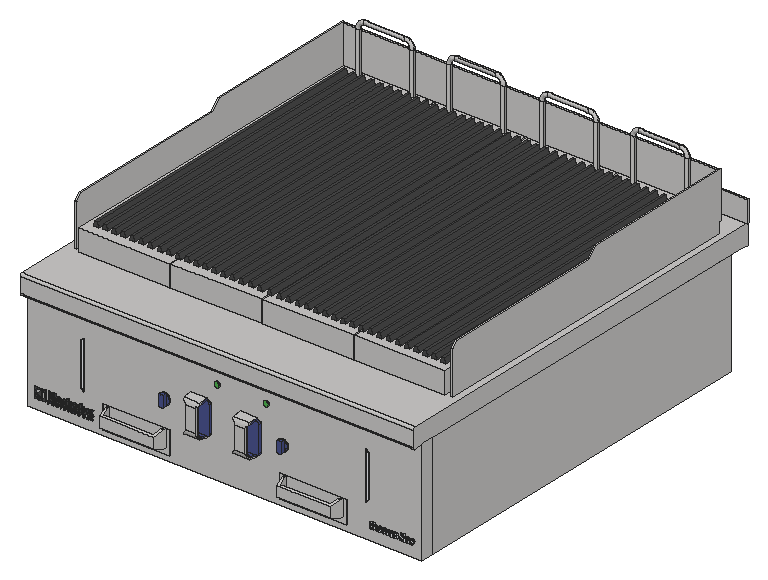
Revit family "QF_ELECTROLUXPROFESSIONAL_593101_MBDBBBHOVO", category Specialty Equipment, Revit 2014
Parameters
  Weight in Pounds = 487.22
  URL Cutsheet = ""
  Type Mark [instance] = ""
  Specification by User [instance] = ""
  Specification by Manufacturer = ""
  Serial Number = ""
  Seismic Rating = ""
  SMACNA No = ""
  Revision Code [instance] = ""
  Omniclass Number and Title = ""
  NAFEM Spec ID Number = ""
  Model = "588557"
  Masterspec = ""
  Manufacturer = "Electrolux Professional"
  Item Number [instance] = ""
  Installed By [instance] = ""
  Identify Quantity as Lot [instance] = yes
  Furnished By [instance] = ""
  Foodservice Equipment Identifier [instance] = yes
  Description = ""
  CSI MasterFormat = ""
  CSI Master Format = ""
Reference planes
  plane 1 "BACK": y = 0
  plane 2: z = 0
  plane 3 "LEFT": x = 0
  plane 4 "RIGHT": x = 800
  plane 5 "FRONT": y = -850
  plane 6 "TOP": z = 900
  plane 7 "Center (Left/Right)": x = 400
  plane 8: y = -425
  plane 9: y = -150
  plane 10: y = -65
  plane 11: y = -790
  plane 12 "GASy": y = -540
  plane 13 "Base_Rib": z = 944
  plane 14 "BaseTop": z = 650
  plane 15: y = -805
  plane 16 "Camino": y = -50
  plane 17 "GASx": x = 755
  plane 18: z = 1131
  plane 19 "PlaneRibbed": through (-6096, -65, 890) normal (0, -0.0251, 0.9997)
  plane 20 "U_Profile": y = -73
Forms (mm)
  Extrusion 1, solid, material "QF_Finishes_Stainless Steel"
    sketch origin (-178.969, -4572, 100) x (-1, 0, 0) y (0, -1, 0)
      loop
        line (-178.969, -4527) -> (-178.969, -3767) -> (-978.969, -3767) -> (-978.969, -4527) -> (-178.969, -4527)
    from 550 to 762.969
  Extrusion 2, solid, material "QF_Finishes_Stainless Steel"
    sketch origin (400, 296.4, 1219.2) x (0, 1, 0) y (0, 0, 1)
      loop
        line (-296.4, -319.2) -> (-1141.4, -319.2)
        arc (-1141.4, -319.2) -> (-1144.935, -320.664) -> (-1146.4, -324.2) r 5
        line (-1146.4, -324.2) -> (-1146.4, -355.2)
        arc (-1146.4, -355.2) -> (-1144.971, -358.264) -> (-1141.705, -359.139) r 4
        line (-1141.705, -359.139) -> (-1126.4, -356.231) -> (-316.4, -356.231) -> (-301.094, -359.139)
        arc (-301.094, -359.139) -> (-297.829, -358.264) -> (-296.4, -355.2) r 4
        line (-296.4, -355.2) -> (-296.4, -319.2)
    from -400 to 400
  Extrusion 3, solid, material "QF_Finishes_Stainless Steel"
    sketch origin (400, 296.4, 1219.2) x (0, 1, 0) y (0, 0, 1)
      loop
        line (-296.4, -319.2) -> (-296.4, -275.2) -> (-298.4, -275.2) -> (-298.4, -319.2) -> (-296.4, -319.2)
    from 400 to -400
  Extrusion 4, solid, material "QF_Finishes_Stainless Steel"
    sketch origin (400, 296.4, 1219.2) x (0, 1, 0) y (0, 0, 1)
      loop
        line (-1032.4, -275.2) -> (-1032.4, -319.2) -> (-360.4, -319.2) -> (-360.4, -275.2) -> (-1032.4, -275.2)
    from -372 to -186.5
  Extrusion 5, solid, material "QF_Finishes_Stainless Steel"
    sketch origin (0, 0, 650) x (-1, 0, 0) y (0, -1, 0)
      loop
        circle (-755, 540) r 6.35
    from 0 to -10
  Extrusion 6, solid, material "QF_Finishes_Stainless Steel"
    sketch origin (400, 296.4, 1219.2) x (0, 1, 0) y (0, 0, 1)
      loop
        line (-663.66, -204.2) -> (-681.66, -222.2) -> (-1016.26, -222.2) -> (-1027.4, -233.34) -> (-1027.4, -319.2) -> (-352.4, -319.2) -> (-352.4, -297.2) -> (-347.4, -297.2) -> (-347.4, -204.2) -> (-663.66, -204.2)
    from -381 to -384
  Extrusion 7, solid, material "QF_Finishes_Stainless Steel"
    sketch origin (400, 296.4, 1219.2) x (0, 1, 0) y (0, 0, 1)
      loop
        line (-663.66, -204.2) -> (-681.66, -222.2) -> (-1016.26, -222.2) -> (-1027.4, -233.34) -> (-1027.4, -319.2) -> (-352.4, -319.2) -> (-352.4, -297.2) -> (-347.4, -297.2) -> (-347.4, -204.2) -> (-663.66, -204.2)
    from 384 to 381
  Extrusion 8, solid, material "QF_Finishes_Stainless Steel"
    sketch origin (400, 296.4, 1219.2) x (0, 1, 0) y (0, 0, 1)
      loop
        line (-350.4, -297.2) -> (-347.4, -297.2) -> (-347.4, -204.2) -> (-350.4, -204.2) -> (-350.4, -297.2)
    from -381 to 381
  Sweep 9, solid, material "QF_Finishes_Stainless Steel"
    path origin (0, -73, 0) x (1, 0, 0) y (0, 0, 1)
      loop
        line (65.5, 944) -> (65.5, 1030.5)
        arc (65.5, 1030.5) -> (69.454, 1040.046) -> (79, 1044) r 13.5
        line (79, 1044) -> (162, 1044)
        arc (162, 1044) -> (171.546, 1040.046) -> (175.5, 1030.5) r 13.5
        line (175.5, 1030.5) -> (175.5, 944)
    profile origin (65.5, -73, 987.25) x (-1, 0, 0) y (0, -1, 0)
      loop
        circle (0, 0) r 3.5
  Sweep 10, solid, material "QF_Finishes_Stainless Steel"
    path origin (185, -73, 0) x (1, 0, 0) y (0, 0, 1)
      loop
        line (65.5, 944) -> (65.5, 1030.5)
        arc (65.5, 1030.5) -> (69.454, 1040.046) -> (79, 1044) r 13.5
        line (79, 1044) -> (162, 1044)
        arc (162, 1044) -> (171.546, 1040.046) -> (175.5, 1030.5) r 13.5
        line (175.5, 1030.5) -> (175.5, 944)
    profile origin (250.5, -73, 987.25) x (-1, 0, 0) y (0, -1, 0)
      loop
        circle (0, 0) r 3.5
  Sweep 11, solid, material "QF_Finishes_Stainless Steel"
    path origin (800, -73, 0) x (-1, 0, 0) y (0, 0, 1)
      loop
        line (65.5, 944) -> (65.5, 1030.5)
        arc (65.5, 1030.5) -> (69.454, 1040.046) -> (79, 1044) r 13.5
        line (79, 1044) -> (162, 1044)
        arc (162, 1044) -> (171.546, 1040.046) -> (175.5, 1030.5) r 13.5
        line (175.5, 1030.5) -> (175.5, 944)
    profile origin (734.5, -73, 987.25) x (-1, 0, 0) y (0, -1, 0)
      loop
        circle (0, 0) r 3.5
  Sweep 12, solid, material "QF_Finishes_Stainless Steel"
    path origin (615, -73, 0) x (-1, 0, 0) y (0, 0, 1)
      loop
        line (65.5, 944) -> (65.5, 1030.5)
        arc (65.5, 1030.5) -> (69.454, 1040.046) -> (79, 1044) r 13.5
        line (79, 1044) -> (162, 1044)
        arc (162, 1044) -> (171.546, 1040.046) -> (175.5, 1030.5) r 13.5
        line (175.5, 1030.5) -> (175.5, 944)
    profile origin (549.5, -73, 987.25) x (-1, 0, 0) y (0, -1, 0)
      loop
        circle (0, 0) r 3.5
  Extrusion 13, solid, material "QF_Finishes_Stainless Steel"
    sketch origin (400, 296.4, 1219.2) x (0, 1, 0) y (0, 0, 1)
      loop
        line (-1032.4, -275.2) -> (-1032.4, -319.2) -> (-360.4, -319.2) -> (-360.4, -275.2) -> (-1032.4, -275.2)
    from -1 to -186.5
  Extrusion 14, solid, material "QF_Finishes_Stainless Steel"
    sketch origin (400, 296.4, 1219.2) x (0, 1, 0) y (0, 0, 1)
      loop
        line (-1032.4, -275.2) -> (-1032.4, -319.2) -> (-360.4, -319.2) -> (-360.4, -275.2) -> (-1032.4, -275.2)
    from 1 to 186.5
  Extrusion 15, solid, material "QF_Finishes_Stainless Steel"
    sketch origin (400, 296.4, 1219.2) x (0, 1, 0) y (0, 0, 1)
      loop
        line (-1032.4, -275.2) -> (-1032.4, -319.2) -> (-360.4, -319.2) -> (-360.4, -275.2) -> (-1032.4, -275.2)
    from 372 to 186.5
Lines and regions (mm)
  symbolic lines
    curve 1: line (0, 0, 100) -> (800, 0, 100)
    curve 2: line (0, -850, 100) -> (0, 0, 100)
    curve 3: line (800, -850, 100) -> (0, -850, 100)
    curve 4: line (800, 0, 100) -> (800, -850, 100)
    curve 5: line (0, -2, 0) -> (800, -2, 0)
    curve 6: line (16, -51, 0) -> (16, -731, 0)
    curve 7: line (19, -731, 0) -> (19, -54, 0)
    curve 8: line (784, -51, 0) -> (16, -51, 0)
    curve 9: line (19, -54, 0) -> (781, -54, 0)
    curve 10: line (784, -731, 0) -> (784, -51, 0)
    curve 11: line (781, -54, 0) -> (781, -731, 0)
    curve 12: line (781, -731, 0) -> (784, -731, 0)
    curve 13: line (784, -719.86, 0) -> (781, -719.86, 0)
    curve 14: line (781, -367.26, 0) -> (784, -367.26, 0)
    curve 15: line (781, -385.26, 0) -> (784, -385.26, 0)
    curve 16: line (16, -367.26, 0) -> (19, -367.26, 0)
    curve 17: line (16, -385.26, 0) -> (19, -385.26, 0)
    curve 18: line (16, -731, 0) -> (19, -731, 0)
    curve 19: line (16, -719.86, 0) -> (19, -719.86, 0)
    curve 20: line (28, -64, 0) -> (28, -736, 0)
    curve 21: line (213.5, -736, 0) -> (213.5, -716, 0)
    curve 22: line (401, -736, 0) -> (401, -716, 0)
    curve 23: line (399, -736, 0) -> (399, -716, 0)
    curve 24: line (401, -736, 0) -> (772, -736, 0)
    curve 25: line (28, -736, 0) -> (399, -736, 0)
    curve 26: line (772, -736, 0) -> (772, -64, 0)
    curve 27: line (586.5, -736, 0) -> (586.5, -716, 0)
    curve 28: line (401, -64, 0) -> (772, -64, 0)
    curve 29: line (28, -64, 0) -> (399, -64, 0)
    curve 30: line (213.5, -64, 0) -> (213.5, -84, 0)
    curve 31: line (399, -64, 0) -> (399, -84, 0)
    curve 32: line (401, -64, 0) -> (401, -84, 0)
    curve 33: line (586.5, -64, 0) -> (586.5, -84, 0)
    curve 34: arc (624.5, -69.5, 0) -> (621, -73, 0) -> (624.5, -76.5, 0) r 3.5
    curve 35: line (624.5, -76.5, 0) -> (734.5, -76.5, 0)
    curve 36: line (734.5, -69.5, 0) -> (624.5, -69.5, 0)
    curve 37: arc (734.5, -69.5, 0) -> (738, -73, 0) -> (734.5, -76.5, 0) r 3.5
    curve 38: arc (439.5, -69.5, 0) -> (436, -73, 0) -> (439.5, -76.5, 0) r 3.5
    curve 39: line (439.5, -76.5, 0) -> (549.5, -76.5, 0)
    curve 40: line (549.5, -69.5, 0) -> (439.5, -69.5, 0)
    curve 41: arc (549.5, -69.5, 0) -> (553, -73, 0) -> (549.5, -76.5, 0) r 3.5
    curve 42: arc (250.5, -69.5, 0) -> (247, -73, 0) -> (250.5, -76.5, 0) r 3.5
    curve 43: line (250.5, -76.5, 0) -> (360.5, -76.5, 0)
    curve 44: line (360.5, -69.5, 0) -> (250.5, -69.5, 0)
    curve 45: arc (360.5, -69.5, 0) -> (364, -73, 0) -> (360.5, -76.5, 0) r 3.5
    curve 46: arc (65.5, -69.5, 0) -> (62, -73, 0) -> (65.5, -76.5, 0) r 3.5
    curve 47: line (65.5, -76.5, 0) -> (175.5, -76.5, 0)
    curve 48: line (175.5, -69.5, 0) -> (65.5, -69.5, 0)
    curve 49: arc (175.5, -69.5, 0) -> (179, -73, 0) -> (175.5, -76.5, 0) r 3.5
Dimensions and locks
  plane 3 "LEFT" to plane 4 "RIGHT" = 800 mm
  locked: plane 5 "FRONT" to plane 1 "BACK" at 850
  plane 3 "LEFT" to plane 7 "Center (Left/Right)" to plane 4 "RIGHT" = 400 mm, 400 mm
  equal spacing: plane 5 "FRONT", plane 8, plane 1 "BACK"
  plane 6 "TOP" to level = 900 mm  (x2)
  plane 1 "BACK" to plane 9 = 150 mm
  plane 12 "GASy" to plane 1 "BACK" = 540 mm
  plane 13 "Base_Rib" to plane 6 "TOP" = 44 mm
  plane 10 to plane 1 "BACK" = 65 mm
  plane 5 "FRONT" to plane 11 = 60 mm
  locked: plane 6 "TOP" to plane 14 "BaseTop" at 250
  locked: plane 15 to plane 5 "FRONT" at 45
  plane 16 "Camino" to plane 1 "BACK" = 50 mm
  plane 17 "GASx" to plane 4 "RIGHT" = 45 mm
  plane 18 to plane 6 "TOP" = 231 mm
  aligned and locked: level to plane 2
  aligned and locked: nested 1 to plane 15
  aligned and locked: Extrusion 1 to plane 15
  aligned and locked: Extrusion 3 to plane 3 "LEFT"
  aligned and locked: Extrusion 3 to plane 4 "RIGHT"
  aligned and locked: plane 3 "LEFT" to nested 1
Automatic sketch dimensions
  Extrusion 2 sketch curve to plane 5 "FRONT" = 0 mm
  Extrusion 2 sketch curve to plane 6 "TOP" = 0 mm
  Extrusion 2 sketch curve to plane 1 "BACK" = 0 mm
  Extrusion 2 sketch curve to Extrusion 2 sketch curve = 4 mm
  Extrusion 2 sketch curve to Extrusion 2 sketch curve = 0.695 mm
  Extrusion 2 sketch curve to plane 5 "FRONT" = 5 mm
  Extrusion 2 sketch curve to Extrusion 2 sketch curve = 15.305 mm
  plane 1 "BACK" to Extrusion 2 sketch curve = 20 mm
  plane 1 "BACK" to Extrusion 2 sketch curve = 4.695 mm
  plane 1 "BACK" to Extrusion 2 sketch curve = 4 mm
  Extrusion 2 sketch curve to Extrusion 2 sketch curve = 31 mm
  Extrusion 2 sketch curve to Extrusion 2 sketch curve = 36 mm
  Extrusion 2 sketch curve to Extrusion 2 sketch curve = 2.909 mm
  Extrusion 3 sketch curve to plane 6 "TOP" = 0 mm
  Extrusion 3 sketch curve to plane 13 "Base_Rib" = 0 mm
  Extrusion 3 sketch curve to plane 1 "BACK" = 0 mm
  plane 1 "BACK" to Extrusion 3 sketch curve = 2 mm
  Extrusion 4 sketch curve to plane 13 "Base_Rib" = 0 mm
  plane 6 "TOP" to Extrusion 4 sketch curve = 0 mm
  Extrusion 4 sketch curve to plane 11 = 54 mm
  Extrusion 4 sketch curve to plane 10 = 1 mm
  Extrusion 6 sketch curve to plane 6 "TOP" = 0 mm
  Extrusion 6 sketch curve to plane 11 = 59 mm
  Extrusion 6 sketch curve to Extrusion 6 sketch curve = 11.14 mm
  plane 8 to Extrusion 6 sketch curve = 39.74 mm
  Extrusion 6 sketch curve to Extrusion 6 sketch curve = 18 mm
  plane 16 "Camino" to Extrusion 6 sketch curve = 6 mm
  plane 16 "Camino" to Extrusion 6 sketch curve = 1 mm
  Extrusion 6 sketch curve to Extrusion 6 sketch curve = 22 mm
  plane 13 "Base_Rib" to Extrusion 6 sketch curve = 41.86 mm
  plane 13 "Base_Rib" to Extrusion 6 sketch curve = 53 mm
  plane 13 "Base_Rib" to Extrusion 6 sketch curve = 71 mm
  Extrusion 7 sketch curve to plane 6 "TOP" = 0 mm
  Extrusion 7 sketch curve to plane 11 = 59 mm
  Extrusion 7 sketch curve to Extrusion 7 sketch curve = 11.14 mm
  plane 8 to Extrusion 7 sketch curve = 39.74 mm
  Extrusion 7 sketch curve to Extrusion 7 sketch curve = 18 mm
  plane 16 "Camino" to Extrusion 7 sketch curve = 6 mm
  plane 16 "Camino" to Extrusion 7 sketch curve = 1 mm
  Extrusion 7 sketch curve to Extrusion 7 sketch curve = 22 mm
  plane 13 "Base_Rib" to Extrusion 7 sketch curve = 41.86 mm
  plane 13 "Base_Rib" to Extrusion 7 sketch curve = 53 mm
  plane 13 "Base_Rib" to Extrusion 7 sketch curve = 71 mm
  plane 16 "Camino" to Extrusion 8 sketch curve = 4 mm
  plane 16 "Camino" to Extrusion 8 sketch curve = 1 mm
  plane 6 "TOP" to Extrusion 8 sketch curve = 22 mm
  plane 13 "Base_Rib" to Extrusion 8 sketch curve = 71 mm
  Sweep 11 sketch curve to plane 13 "Base_Rib" = 0 mm  (x2)
  plane 17 "GASx" to Sweep 11 sketch curve = 20.5 mm
  Sweep 11 sketch curve to Sweep 11 sketch curve = 13.5 mm  (x2)
  Sweep 11 sketch curve to Sweep 11 sketch curve = 83 mm
  Sweep 11 sketch curve to Sweep 11 sketch curve = 86.5 mm
  plane 20 "U_Profile" to Sweep 11 sketch curve = 0 mm
  Sweep 11 sketch curve to profile plane = 0 mm
  Extrusion 13 sketch curve to plane 13 "Base_Rib" = 0 mm
  plane 6 "TOP" to Extrusion 13 sketch curve = 0 mm
  Extrusion 13 sketch curve to plane 11 = 54 mm
  Extrusion 13 sketch curve to plane 10 = 1 mm
  Extrusion 14 sketch curve to plane 13 "Base_Rib" = 0 mm
  plane 6 "TOP" to Extrusion 14 sketch curve = 0 mm
  Extrusion 14 sketch curve to plane 11 = 54 mm
  Extrusion 14 sketch curve to plane 10 = 1 mm
  Extrusion 15 sketch curve to plane 13 "Base_Rib" = 0 mm
  plane 6 "TOP" to Extrusion 15 sketch curve = 0 mm
  Extrusion 15 sketch curve to plane 11 = 54 mm
  Extrusion 15 sketch curve to plane 10 = 1 mm
  Extrusion 5 sketch curve to plane 12 "GASy" = 0 mm
  Extrusion 5 sketch curve to plane 17 "GASx" = 0 mm
  curve 5 to plane 3 "LEFT" = 0 mm
  plane 20 "U_Profile" to curve 46 = 0 mm
  plane 20 "U_Profile" to curve 42 = 0 mm
  plane 20 "U_Profile" to curve 38 = 0 mm
  plane 20 "U_Profile" to curve 34 = 0 mm
  curve 5 to plane 4 "RIGHT" = 0 mm
  plane 3 "LEFT" to curve 18 = 16 mm
  curve 6 to curve 18 = 3 mm
  curve 20 to plane 10 = 1 mm
  curve 7 to curve 20 = 9 mm
  curve 20 to curve 46 = 37.5 mm
  curve 48 to plane 20 "U_Profile" = 3.5 mm
  curve 46 to curve 48 = 110 mm
  plane 20 "U_Profile" to curve 43 = 3.5 mm
  curve 47 to curve 43 = 75 mm
  curve 43 to plane 7 "Center (Left/Right)" = 39.5 mm
  curve 29 to plane 7 "Center (Left/Right)" = 1 mm
  curve 23 to plane 7 "Center (Left/Right)" = 1 mm
  plane 7 "Center (Left/Right)" to curve 28 = 1 mm
  plane 7 "Center (Left/Right)" to curve 24 = 1 mm
  curve 40 to plane 20 "U_Profile" = 3.5 mm
  curve 28 to curve 40 = 38.5 mm
  curve 38 to curve 40 = 110 mm
  curve 41 to curve 34 = 75 mm
  curve 37 to plane 17 "GASx" = 20.5 mm
  plane 17 "GASx" to curve 26 = 17 mm
  plane 16 "Camino" to curve 11 = 4 mm
  curve 26 to curve 11 = 9 mm
  plane 16 "Camino" to curve 10 = 1 mm
  curve 9 to curve 10 = 3 mm
  curve 18 to plane 11 = 59 mm
  curve 12 to plane 11 = 59 mm
  curve 20 to curve 7 = 5 mm
  curve 23 to curve 24 = 0 mm
  plane 20 "U_Profile" to curve 35 = 3.5 mm
  curve 26 to plane 10 = 1 mm
  curve 21 to plane 11 = 74 mm
  curve 21 to curve 23 = 185.5 mm
  curve 30 to curve 44 = 37 mm
  curve 40 to curve 33 = 37 mm
  curve 27 to plane 11 = 74 mm
  curve 27 to plane 17 "GASx" = 168.5 mm
  plane 20 "U_Profile" to curve 32 = 11 mm
  plane 20 "U_Profile" to curve 30 = 11 mm
  plane 20 "U_Profile" to curve 33 = 11 mm
  curve 31 to curve 32 = 0 mm
  plane 8 to curve 16 = 57.74 mm
  plane 8 to curve 14 = 57.74 mm
  curve 17 to curve 16 = 18 mm
  curve 15 to curve 14 = 18 mm
  curve 22 to curve 22 = 20 mm
  curve 23 to curve 22 = 0 mm
  curve 11 to curve 13 = 11.14 mm
  curve 7 to curve 19 = 11.14 mm
  plane 1 "BACK" to curve 5 = 2 mm
  Extrusion 1 sketch curve to plane 4 "RIGHT" = 0 mm
  Extrusion 1 sketch curve to plane 3 "LEFT" = 0 mm
  Extrusion 1 sketch curve to plane 15 = 0 mm
  Extrusion 1 sketch curve to plane 16 "Camino" = 5 mm
  plane 1 "BACK" to curve 1 = 0 mm
  curve 1 to plane 4 "RIGHT" = 0 mm
  curve 3 to plane 3 "LEFT" = 0 mm
  plane 5 "FRONT" to curve 3 = 0 mm
  Sweep 9 sketch curve to plane 13 "Base_Rib" = 0 mm  (x2)
  plane 3 "LEFT" to Sweep 9 sketch curve = 65.5 mm
  Sweep 9 sketch curve to Sweep 9 sketch curve = 13.5 mm  (x2)
  Sweep 9 sketch curve to Sweep 9 sketch curve = 83 mm
  Sweep 9 sketch curve to Sweep 9 sketch curve = 86.5 mm
  plane 20 "U_Profile" to Sweep 9 sketch curve = 0 mm
  Sweep 9 sketch curve to profile plane = 0 mm
  Sweep 10 sketch curve to plane 13 "Base_Rib" = 0 mm  (x2)
  plane 13 "Base_Rib" to Sweep 10 sketch curve = 86.5 mm
  Sweep 10 sketch curve to plane 7 "Center (Left/Right)" = 149.5 mm
  Sweep 10 sketch curve to Sweep 10 sketch curve = 13.5 mm  (x2)
  Sweep 10 sketch curve to plane 7 "Center (Left/Right)" = 53 mm
  plane 20 "U_Profile" to Sweep 10 sketch curve = 0 mm
  Sweep 10 sketch curve to profile plane = 0 mm
  Sweep 12 sketch curve to plane 13 "Base_Rib" = 0 mm  (x2)
  Sweep 12 sketch curve to plane 13 "Base_Rib" = 86.5 mm
  Sweep 12 sketch curve to plane 7 "Center (Left/Right)" = 149.5 mm
  Sweep 12 sketch curve to Sweep 12 sketch curve = 13.5 mm  (x2)
  Sweep 12 sketch curve to plane 7 "Center (Left/Right)" = 53 mm
  plane 20 "U_Profile" to Sweep 12 sketch curve = 0 mm
  Sweep 12 sketch curve to profile plane = 0 mm
  radius of Sweep 11 sketch curve = 3.5 mm
  radius of Extrusion 5 sketch curve = 6.35 mm
  radius of Sweep 9 sketch curve = 3.5 mm
  radius of Sweep 10 sketch curve = 3.5 mm
  radius of Sweep 12 sketch curve = 3.5 mm
Nested families
  nested 1: "Front_Panel_W800_2 Knobs_2Spie_Manop_Simm" at (202.376, -805, 0), type "Front_Panel_W800_2 Knobs_2Spie_Manop_Simm"
  nested 2: "Rib_TRAP10x10" at (47, -411.07, 944) x (-1, 0, 0) z (0, 0, 1), type "Rib_TRAP10x10"
    with Show Clearance yes, Lenght 632 mm
  nested 3: "Rib_TRAP10x10" at (65.5, -411.07, 944) x (-1, 0, 0) z (0, 0, 1), type "Rib_TRAP10x10"
    with Show Clearance yes, Lenght 632 mm
  nested 4: "Rib_TRAP10x10" at (84, -411.07, 944) x (-1, 0, 0) z (0, 0, 1), type "Rib_TRAP10x10"
    with Show Clearance yes, Lenght 632 mm
  nested 5: "Rib_TRAP10x10" at (102.5, -411.07, 944) x (-1, 0, 0) z (0, 0, 1), type "Rib_TRAP10x10"
    with Show Clearance yes, Lenght 632 mm
  nested 6: "Rib_TRAP10x10" at (121, -411.07, 944) x (-1, 0, 0) z (0, 0, 1), type "Rib_TRAP10x10"
    with Show Clearance yes, Lenght 632 mm
  nested 7: "Rib_TRAP10x10" at (139.5, -411.07, 944) x (-1, 0, 0) z (0, 0, 1), type "Rib_TRAP10x10"
    with Show Clearance yes, Lenght 632 mm
  nested 8: "Rib_TRAP10x10" at (158, -411.07, 944) x (-1, 0, 0) z (0, 0, 1), type "Rib_TRAP10x10"
    with Show Clearance yes, Lenght 632 mm
  nested 9: "Rib_TRAP10x10" at (176.5, -411.07, 944) x (-1, 0, 0) z (0, 0, 1), type "Rib_TRAP10x10"
    with Show Clearance yes, Lenght 632 mm
  nested 10: "Rib_TRAP10x10" at (195, -411.07, 944) x (-1, 0, 0) z (0, 0, 1), type "Rib_TRAP10x10"
    with Show Clearance yes, Lenght 632 mm
  nested 11: "Rib_TRAP10x10" at (213.5, -411.07, 944) x (-1, 0, 0) z (0, 0, 1), type "Rib_TRAP10x10"
    with Show Clearance yes, Lenght 632 mm
  nested 12: "Rib_TRAP10x10" at (232, -411.07, 944) x (-1, 0, 0) z (0, 0, 1), type "Rib_TRAP10x10"
    with Show Clearance yes, Lenght 632 mm
  nested 13: "Rib_TRAP10x10" at (250.5, -411.07, 944) x (-1, 0, 0) z (0, 0, 1), type "Rib_TRAP10x10"
    with Show Clearance yes, Lenght 632 mm
  nested 14: "Rib_TRAP10x10" at (269, -411.07, 944) x (-1, 0, 0) z (0, 0, 1), type "Rib_TRAP10x10"
    with Show Clearance yes, Lenght 632 mm
  nested 15: "Rib_TRAP10x10" at (287.5, -411.07, 944) x (-1, 0, 0) z (0, 0, 1), type "Rib_TRAP10x10"
    with Show Clearance yes, Lenght 632 mm
  nested 16: "Rib_TRAP10x10" at (306, -411.07, 944) x (-1, 0, 0) z (0, 0, 1), type "Rib_TRAP10x10"
    with Show Clearance yes, Lenght 632 mm
  nested 17: "Rib_TRAP10x10" at (324.5, -411.07, 944) x (-1, 0, 0) z (0, 0, 1), type "Rib_TRAP10x10"
    with Show Clearance yes, Lenght 632 mm
  nested 18: "Rib_TRAP10x10" at (343, -411.07, 944) x (-1, 0, 0) z (0, 0, 1), type "Rib_TRAP10x10"
    with Show Clearance yes, Lenght 632 mm
  nested 19: "Rib_TRAP10x10" at (361.5, -411.07, 944) x (-1, 0, 0) z (0, 0, 1), type "Rib_TRAP10x10"
    with Show Clearance yes, Lenght 632 mm
  nested 20: "Rib_TRAP10x10" at (380, -411.07, 944) x (-1, 0, 0) z (0, 0, 1), type "Rib_TRAP10x10"
    with Show Clearance yes, Lenght 632 mm
  nested 21: "Rib_TRAP10x10" at (400, -411.07, 944) x (-1, 0, 0) z (0, 0, 1), type "Rib_TRAP10x10"
    with Show Clearance yes, Lenght 632 mm
  nested 22: "Rib_TRAP10x10" at (753, -411.07, 944), type "Rib_TRAP10x10"
    with Show Clearance yes, Lenght 632 mm
  nested 23: "Rib_TRAP10x10" at (734.5, -411.07, 944), type "Rib_TRAP10x10"
    with Show Clearance yes, Lenght 632 mm
  nested 24: "Rib_TRAP10x10" at (716, -411.07, 944), type "Rib_TRAP10x10"
    with Show Clearance yes, Lenght 632 mm
  nested 25: "Rib_TRAP10x10" at (697.5, -411.07, 944), type "Rib_TRAP10x10"
    with Show Clearance yes, Lenght 632 mm
  nested 26: "Rib_TRAP10x10" at (679, -411.07, 944), type "Rib_TRAP10x10"
    with Show Clearance yes, Lenght 632 mm
  nested 27: "Rib_TRAP10x10" at (660.5, -411.07, 944), type "Rib_TRAP10x10"
    with Show Clearance yes, Lenght 632 mm
  nested 28: "Rib_TRAP10x10" at (642, -411.07, 944), type "Rib_TRAP10x10"
    with Show Clearance yes, Lenght 632 mm
  nested 29: "Rib_TRAP10x10" at (623.5, -411.07, 944), type "Rib_TRAP10x10"
    with Show Clearance yes, Lenght 632 mm
  nested 30: "Rib_TRAP10x10" at (605, -411.07, 944), type "Rib_TRAP10x10"
    with Show Clearance yes, Lenght 632 mm
  nested 31: "Rib_TRAP10x10" at (586.5, -411.07, 944), type "Rib_TRAP10x10"
    with Show Clearance yes, Lenght 632 mm
  nested 32: "Rib_TRAP10x10" at (568, -411.07, 944), type "Rib_TRAP10x10"
    with Show Clearance yes, Lenght 632 mm
  nested 33: "Rib_TRAP10x10" at (549.5, -411.07, 944), type "Rib_TRAP10x10"
    with Show Clearance yes, Lenght 632 mm
  nested 34: "Rib_TRAP10x10" at (531, -411.07, 944), type "Rib_TRAP10x10"
    with Show Clearance yes, Lenght 632 mm
  nested 35: "Rib_TRAP10x10" at (512.5, -411.07, 944), type "Rib_TRAP10x10"
    with Show Clearance yes, Lenght 632 mm
  nested 36: "Rib_TRAP10x10" at (494, -411.07, 944), type "Rib_TRAP10x10"
    with Show Clearance yes, Lenght 632 mm
  nested 37: "Rib_TRAP10x10" at (475.5, -411.07, 944), type "Rib_TRAP10x10"
    with Show Clearance yes, Lenght 632 mm
  nested 38: "Rib_TRAP10x10" at (457, -411.07, 944), type "Rib_TRAP10x10"
    with Show Clearance yes, Lenght 632 mm
  nested 39: "Rib_TRAP10x10" at (438.5, -411.07, 944), type "Rib_TRAP10x10"
    with Show Clearance yes, Lenght 632 mm
  nested 40: "Rib_TRAP10x10" at (420, -411.07, 944), type "Rib_TRAP10x10"
    with Show Clearance yes, Lenght 632 mm
Connectors
  piping at (755, -540, 640), diameter 12.7
    settings: on Extrusion 5, index 2, connector inside diameter 24", connector length 0 mm, flow factor 0, pipe flow 0 GPM, pressure drop 0.00 psi, fitting loss kfactor 0, connector angle 0.00°, fixture units 0, engagement length 0 mm, angle of deflection 0.00°, flow configuration 1, flow direction 1, fitting loss method 0, system type 7, joint type 0, gender type 0, connector reference index -1, connector utility 0, adjustable connector no, is connector primary yes, connector description "Gas connection"
Definition of nested family "Front_Panel_W800_2 Knobs_2Spie_Manop_Simm"
  Reference planes
    plane 1 "Center (Front/Back)": y = 0
    plane 2: z = 0
    plane 3 "Center (Left/Right)": x = 197.624
    plane 4 "Left": x = -202.376
    plane 5 "Right": x = 597.624
    plane 6: y = -45
    plane 7: x = 147.624
    plane 8 "Panel": y = -25
    plane 9: x = 489.624
    plane 10: x = -94.376
    plane 11: x = 247.624
    plane 12: x = 77.444
    plane 13: x = -42.196
    plane 14: x = 437.444
    plane 15: x = 317.804
  Forms (mm)
    Extrusion 1, solid, material "QF_Finishes_Stainless Steel"
      sketch origin (833.217, 829.203, -1.25) x (0, 1, 0) y (0, 0, 1)
        loop
          line (-854.203, 651.25) -> (-829.203, 651.25) -> (-829.203, 864.25) -> (-854.203, 864.25) -> (-854.203, 651.25)
      from -1035.593 to -235.593
    Extrusion 2, void
      sketch origin (0, -25, -10) x (0, 0, 1) y (-1, 0, 0)
        loop
          line (731.866, 94.376) -> (726.866, 89.376) -> (823.866, 89.376) -> (818.866, 94.376) -> (731.866, 94.376)
        loop
          line (731.866, -489.624) -> (818.866, -489.624) -> (823.866, -484.624) -> (726.866, -484.624) -> (731.866, -489.624)
      from 0 to -2
    Extrusion 3, solid, material "QF_Finishes_Green"
      sketch origin (175, -25, 1.163) x (0, 0, 1) y (-1, 0, 0)
        loop
          circle (824.337, -7.624) r 5
      from 0 to 1.7
    Extrusion 4, solid, material "QF_Finishes_White"
      sketch origin (0, -25, -10) x (0, 0, 1) y (-1, 0, 0)
        loop
          line (731.866, 94.376) -> (726.866, 89.376) -> (823.866, 89.376) -> (818.866, 94.376) -> (731.866, 94.376)
        loop
          line (726.866, -484.624) -> (731.866, -489.624) -> (818.866, -489.624) -> (823.866, -484.624) -> (726.866, -484.624)
      from 0 to -2
    Extrusion 5, solid, material "QF_Finishes_Electrolux Cyan"
      sketch origin (-15, -25, 0) x (0, 0, 1) y (-1, 0, 0)
        loop
          circle (761.978, -90.989) r 11.5
      from 1.492 to 2.716
    Extrusion 6, solid, material "QF_Finishes_Stainless Steel"
      sketch origin (-15, -25, 0) x (0, 0, 1) y (-1, 0, 0)
        loop
          circle (761.978, -90.989) r 8.098
      from 0 to 1.492
    Extrusion 7, solid, material "QF_Finishes_Electrolux Cyan"
      sketch origin (-15, -25, 0) x (0, 0, 1) y (-1, 0, 0)
        loop
          arc (772.561, -95.489) -> (773.478, -90.989) -> (772.561, -86.489) r 11.5
          line (772.561, -86.489) -> (751.395, -86.489)
          arc (751.395, -86.489) -> (750.478, -90.989) -> (751.395, -95.489) r 11.5
          line (751.395, -95.489) -> (772.561, -95.489)
      from 1.492 to 10
    Extrusion 8, solid, material "QF_Finishes_Electrolux Cyan"
      sketch origin (275, -25, 0) x (0, 0, 1) y (-1, 0, 0)
        loop
          circle (761.978, -40.989) r 11.5
      from 1.492 to 2.716
    Extrusion 9, solid, material "QF_Finishes_Stainless Steel"
      sketch origin (275, -25, 0) x (0, 0, 1) y (-1, 0, 0)
        loop
          circle (761.978, -40.989) r 8.098
      from 0 to 1.492
    Extrusion 10, solid, material "QF_Finishes_Electrolux Cyan"
      sketch origin (275, -25, 0) x (0, 0, 1) y (-1, 0, 0)
        loop
          arc (772.561, -45.489) -> (773.478, -40.989) -> (772.561, -36.489) r 11.5
          line (772.561, -36.489) -> (751.395, -36.489)
          arc (751.395, -36.489) -> (750.478, -40.989) -> (751.395, -45.489) r 11.5
          line (751.395, -45.489) -> (772.561, -45.489)
      from 1.492 to 10
    Extrusion 11, solid, material "QF_Finishes_Green"
      sketch origin (275, -25, 1.163) x (0, 0, 1) y (-1, 0, 0)
        loop
          circle (824.337, -7.624) r 5
      from 0 to 1.7
    Extrusion 12, solid, material "QF_Finishes_Stainless Steel"
      sketch origin (0, -25, 0) x (0, 0, 1) y (-1, 0, 0)
        loop
          line (708.5, 50.376) -> (661.5, 50.376) -> (661.5, -85.567) -> (708.5, -85.567) -> (708.5, 50.376)
      from -2 to 1
    Extrusion 13, solid, material "QF_Finishes_Stainless Steel"
      sketch origin (-139.82, 0, 0.939) x (1, 0, 0) y (0, 1, 0)
        loop
          line (103.029, -26.6) -> (97.935, -26.6) -> (102.304, -49.075) -> (212.585, -49.075) -> (217.265, -25) -> (212.171, -25) -> (208.463, -44.075) -> (106.426, -44.075) -> (103.029, -26.6)
      from 672.593 to 705.67
    Extrusion 14, void
      sketch origin (7.804, 0, 0.939) x (0, 1, 0) y (0, 0, 1)
        loop
          line (-30, 705.67) -> (-30, 710.67) -> (-56.744, 710.67) -> (-56.744, 667.593) -> (-30, 667.593) -> (-30, 672.593) -> (-53.776, 680.318) -> (-53.776, 697.945) -> (-30, 705.67)
      from -50 to 69.64
    Extrusion 15, void
      sketch origin (0, -25, 0) x (0, 0, 1) y (-1, 0, 0)
        loop
          line (708.5, 50.376) -> (661.5, 50.376) -> (661.5, -85.567) -> (708.5, -85.567) -> (708.5, 50.376)
      from 0 to -2
    Extrusion 16, solid, material "QF_Finishes_Stainless Steel"
      sketch origin (360, -25, 0) x (0, 0, 1) y (-1, 0, 0)
        loop
          line (708.5, 50.376) -> (661.5, 50.376) -> (661.5, -85.567) -> (708.5, -85.567) -> (708.5, 50.376)
      from -2 to 1
    Extrusion 17, solid, material "QF_Finishes_Stainless Steel"
      sketch origin (220.18, 0, 0.939) x (1, 0, 0) y (0, 1, 0)
        loop
          line (103.029, -26.6) -> (97.935, -26.6) -> (102.304, -49.075) -> (212.585, -49.075) -> (217.265, -25) -> (212.171, -25) -> (208.463, -44.075) -> (106.426, -44.075) -> (103.029, -26.6)
      from 672.593 to 705.67
    Extrusion 18, void
      sketch origin (367.804, 0, 0.939) x (0, 1, 0) y (0, 0, 1)
        loop
          line (-30, 705.67) -> (-30, 710.67) -> (-56.744, 710.67) -> (-56.744, 667.593) -> (-30, 667.593) -> (-30, 672.593) -> (-53.776, 680.318) -> (-53.776, 697.945) -> (-30, 705.67)
      from -50 to 69.64
  Cuts and joins
    Extrusion 2, Extrusion 15 cuts Extrusion 1
    joined: Extrusion 5, Extrusion 7
    Extrusion 14, Extrusion 18 cuts Extrusion 13
    Extrusion 18 cuts Extrusion 17
  Dimensions and locks
    equal spacing: plane 5 "Right", plane 3 "Center (Left/Right)", plane 4 "Left"
    plane 5 "Right" to plane 4 "Left" = 800 mm
    plane 3 "Center (Left/Right)" to plane 7 = 50 mm
    plane 11 to plane 3 "Center (Left/Right)" = 50 mm
    aligned and locked: cut or joined group of Extrusion 1, Extrusion 2, Extrusion 15 to plane 4 "Left"
    aligned and locked: plane 5 "Right" to cut or joined group of Extrusion 1, Extrusion 2, Extrusion 15
  Automatic sketch dimensions
    Extrusion 1 sketch curve to plane 8 "Panel" = 0 mm
    Extrusion 1 sketch curve to plane 1 "Center (Front/Back)" = 0 mm
    level to Extrusion 1 sketch curve = 650 mm
    Extrusion 1 sketch curve to Extrusion 1 sketch curve = 213 mm
    Extrusion 2 sketch curve to plane 10 = 0 mm
    Extrusion 2 sketch curve to plane 9 = 0 mm
    Extrusion 2 sketch curve to plane 9 = 5 mm
    level to Extrusion 2 sketch curve = 716.866 mm
    plane 10 to Extrusion 2 sketch curve = 5 mm
    Extrusion 2 sketch curve to Extrusion 2 sketch curve = 0 mm
    Extrusion 2 sketch curve to Extrusion 2 sketch curve = 5 mm  (x4)
    Extrusion 2 sketch curve to Extrusion 2 sketch curve = 87 mm  (x2)
    Extrusion 3 sketch curve to plane 3 "Center (Left/Right)" = 15 mm
    level to Extrusion 3 sketch curve = 825.5 mm
    Extrusion 4 sketch curve to plane 10 = 0 mm
    Extrusion 4 sketch curve to plane 9 = 0 mm
    Extrusion 4 sketch curve to plane 9 = 5 mm
    level to Extrusion 4 sketch curve = 716.866 mm
    plane 10 to Extrusion 4 sketch curve = 5 mm
    Extrusion 4 sketch curve to Extrusion 4 sketch curve = 0 mm
    Extrusion 4 sketch curve to Extrusion 4 sketch curve = 5 mm  (x4)
    Extrusion 4 sketch curve to Extrusion 4 sketch curve = 87 mm  (x2)
    Extrusion 5 sketch curve to plane 12 = 1.455 mm
    level to Extrusion 5 sketch curve = 761.978 mm
    Extrusion 6 sketch curve to plane 12 = 1.455 mm
    level to Extrusion 6 sketch curve = 761.978 mm
    Extrusion 7 sketch curve to Extrusion 7 sketch curve = 0 mm  (x3)
    Extrusion 7 sketch curve to plane 12 = 5.955 mm
    level to Extrusion 7 sketch curve = 751.395 mm
    plane 12 to Extrusion 7 sketch curve = 3.045 mm
    Extrusion 7 sketch curve to Extrusion 7 sketch curve = 10.583 mm  (x2)
    Extrusion 8 sketch curve to plane 15 = 1.815 mm
    level to Extrusion 8 sketch curve = 761.978 mm
    Extrusion 9 sketch curve to plane 15 = 1.815 mm
    level to Extrusion 9 sketch curve = 761.978 mm
    Extrusion 10 sketch curve to Extrusion 10 sketch curve = 0 mm  (x3)
    Extrusion 10 sketch curve to plane 15 = 6.315 mm
    level to Extrusion 10 sketch curve = 751.395 mm
    plane 15 to Extrusion 10 sketch curve = 2.685 mm
    Extrusion 10 sketch curve to Extrusion 10 sketch curve = 10.583 mm  (x2)
    plane 11 to Extrusion 11 sketch curve = 35 mm
    level to Extrusion 11 sketch curve = 825.5 mm
    Extrusion 12 sketch curve to plane 13 = 8.18 mm
    level to Extrusion 12 sketch curve = 661.5 mm
    plane 12 to Extrusion 12 sketch curve = 8.122 mm
    Extrusion 12 sketch curve to Extrusion 12 sketch curve = 47 mm
    plane 8 "Panel" to Extrusion 13 sketch curve = 0 mm
    Extrusion 13 sketch curve to plane 12 = 0 mm
    Extrusion 13 sketch curve to plane 12 = 4.68 mm
    Extrusion 13 sketch curve to plane 12 = 5.094 mm
    Extrusion 13 sketch curve to plane 6 = 0.925 mm
    Extrusion 13 sketch curve to Extrusion 13 sketch curve = 4.122 mm
    plane 13 to Extrusion 13 sketch curve = 8.801 mm
    plane 8 "Panel" to Extrusion 13 sketch curve = 1.6 mm
    plane 13 to Extrusion 13 sketch curve = 5.405 mm
    plane 13 to Extrusion 13 sketch curve = 4.68 mm
    plane 13 to Extrusion 13 sketch curve = 0.311 mm
    plane 6 to Extrusion 13 sketch curve = 4.075 mm
    plane 6 to Extrusion 14 sketch curve = 11.744 mm
    plane 6 to Extrusion 14 sketch curve = 8.776 mm
    plane 8 "Panel" to Extrusion 14 sketch curve = 5 mm  (x2)
    level to Extrusion 14 sketch curve = 668.531 mm
    Extrusion 14 sketch curve to Extrusion 14 sketch curve = 5 mm
    Extrusion 14 sketch curve to Extrusion 14 sketch curve = 12.725 mm  (x2)
    Extrusion 14 sketch curve to Extrusion 14 sketch curve = 17.627 mm
    Extrusion 14 sketch curve to Extrusion 14 sketch curve = 7.725 mm
    Extrusion 15 sketch curve to plane 13 = 8.18 mm
    level to Extrusion 15 sketch curve = 661.5 mm
    plane 12 to Extrusion 15 sketch curve = 8.122 mm
    Extrusion 15 sketch curve to Extrusion 15 sketch curve = 47 mm
    Extrusion 16 sketch curve to plane 15 = 8.18 mm
    level to Extrusion 16 sketch curve = 661.5 mm
    plane 14 to Extrusion 16 sketch curve = 8.122 mm
    Extrusion 16 sketch curve to Extrusion 16 sketch curve = 47 mm
    plane 8 "Panel" to Extrusion 17 sketch curve = 0 mm
    Extrusion 17 sketch curve to plane 14 = 0 mm
    Extrusion 17 sketch curve to plane 14 = 4.68 mm
    Extrusion 17 sketch curve to plane 14 = 5.094 mm
    Extrusion 17 sketch curve to plane 6 = 0.925 mm
    Extrusion 17 sketch curve to Extrusion 17 sketch curve = 4.122 mm
    plane 15 to Extrusion 17 sketch curve = 8.801 mm
    plane 8 "Panel" to Extrusion 17 sketch curve = 1.6 mm
    plane 15 to Extrusion 17 sketch curve = 5.405 mm
    plane 15 to Extrusion 17 sketch curve = 4.68 mm
    plane 15 to Extrusion 17 sketch curve = 0.311 mm
    plane 6 to Extrusion 17 sketch curve = 4.075 mm
    plane 6 to Extrusion 18 sketch curve = 11.744 mm
    plane 6 to Extrusion 18 sketch curve = 8.776 mm
    plane 8 "Panel" to Extrusion 18 sketch curve = 5 mm  (x2)
    level to Extrusion 18 sketch curve = 668.531 mm
    Extrusion 18 sketch curve to Extrusion 18 sketch curve = 5 mm
    Extrusion 18 sketch curve to Extrusion 18 sketch curve = 12.725 mm  (x2)
    Extrusion 18 sketch curve to Extrusion 18 sketch curve = 17.627 mm
    Extrusion 18 sketch curve to Extrusion 18 sketch curve = 7.725 mm
    radius of Extrusion 3 sketch curve = 5 mm
    radius of Extrusion 5 sketch curve = 11.5 mm
    radius of Extrusion 6 sketch curve = 8.098 mm
    radius of Extrusion 8 sketch curve = 11.5 mm
    radius of Extrusion 9 sketch curve = 8.098 mm
    radius of Extrusion 11 sketch curve = 5 mm
  Nested families
    nested 1: "Range Control Handle" at (147.624, -28.137, -209.113) x (-1, 0, 0) z (0, 0, 1), type "Range Control Handle"
    nested 2: "Range Control Handle" at (247.624, -28.137, -209.113), type "Range Control Handle"
    nested 3: "ELX_ThermaLine_Small" at (533.838, -25, 679.426) x (1, 0, 0) z (0, -1, 0), type "ELX_ThermaLine_Small"
      with Show Logo yes, Material_Logo QF_Finishes_Black
    nested 4: "ELX_Professional_Logo_Small" at (-127.89, -25, 681.659) x (1, 0, 0) z (0, -1, 0), type "ELX_Professional_Logo_Small"
      with Show Logo yes, Material_Logo QF_Finishes_Black
  Definition of nested family "Range Control Handle"
    Reference planes
      plane 1 "Center (Front/Back)": y = 0
      plane 2: z = 0
      plane 3 "Center (Left/Right)": x = 0
      plane 4: z = 971.092
      plane 5: y = -16.9
    Forms (mm)
      Extrusion 1, solid, material "QF_Finishes_Electrolux Cyan"
        sketch origin (-746.28, 380.497, 208.931) x (-1, 0, 0) y (0, 0, 1)
          loop
            line (-770.101, 786.798) -> (-770.101, 731.649)
            arc (-770.101, 731.649) -> (-769.759, 730.563) -> (-768.855, 729.87) r 1.893
            line (-768.855, 729.87) -> (-763.474, 727.911) -> (-729.81, 727.911) -> (-724.428, 729.87)
            arc (-724.428, 729.87) -> (-723.525, 730.563) -> (-723.183, 731.649) r 1.893
            line (-723.183, 731.649) -> (-723.183, 786.798)
            arc (-723.183, 786.798) -> (-723.529, 787.894) -> (-724.44, 788.593) r 1.91
            line (-724.44, 788.593) -> (-729.683, 790.819) -> (-763.601, 790.819) -> (-768.844, 788.593)
            arc (-768.844, 788.593) -> (-769.755, 787.894) -> (-770.101, 786.798) r 1.91
        from -382.35 to -378.852
      Sweep 2, solid, material "QF_Finishes_Electrolux Cyan"
        path origin (-746.788, 380.496, 208.091) x (0, -1, 0) y (0, 0, 1)
          loop
            line (379.775, 793.281) -> (395.661, 791.048)
            arc (395.661, 791.048) -> (397.781, 787.377) -> (398.517, 783.202) r 12.207
            line (398.517, 783.202) -> (398.517, 737.368)
            arc (398.517, 737.368) -> (397.781, 733.193) -> (395.661, 729.522) r 12.207
            line (395.661, 729.522) -> (379.775, 727.289)
        profile origin (-746.788, -7.222, 1000.256) x (0, -0.139173, 0.990268) y (-1, 0, 0)
          loop
            line (0.782, -763.123) -> (0.782, -730.907) -> (-1.322, -730.907) -> (-1.322, -763.123) -> (0.782, -763.123)
      Sweep 3, solid, material "QF_Finishes_Stainless Steel"
        path origin (-746.788, 380.715, 207.832) x (0, -1, 0) y (0, 0, 1)
          loop
            line (380.478, 795.442) -> (397.218, 793.09)
            arc (397.218, 793.09) -> (399.929, 788.473) -> (400.871, 783.202) r 15.207
            line (400.871, 783.202) -> (400.871, 737.584)
            arc (400.871, 737.584) -> (399.914, 732.274) -> (397.164, 727.633) r 15.207
            line (397.164, 727.633) -> (380.601, 725.305)
        profile origin (-746.788, -8.132, 1002.099) x (0, -0.139173, 0.990268) y (-1, 0, 0)
          loop
            line (0.782, -763.123) -> (0.782, -730.907) -> (-1.322, -730.907) -> (-1.322, -763.123) -> (0.782, -763.123)
      Extrusion 4, void
        sketch origin (889.253, 220.666, 207.993) x (1, 0, 0) y (0, 0, 1)
          loop
            line (-943.038, 816.854) -> (-943.038, 703.686) -> (-899.466, 734.196) -> (-899.466, 786.344) -> (-943.038, 816.854)
        from 230.636 to 242.25
      Extrusion 5, void
        sketch origin (-888.8, 220.666, 207.993) x (-1, 0, 0) y (0, 0, -1)
          loop
            line (-943.038, -816.854) -> (-899.466, -786.344) -> (-899.466, -734.196) -> (-943.038, -703.686) -> (-943.038, -816.854)
        from 230.636 to 242.25
      Extrusion 6, solid, material "QF_Finishes_Electrolux Cyan"
        sketch origin (0, 0, 0) x (1, 0, 0) y (0, 0, 1)
          loop
            circle (0, 971.092) r 7.736
        from -3.137 to -1.645
    Cuts and joins
      Extrusion 4, Extrusion 5 cuts Sweep 3
      Extrusion 4, Extrusion 5 cuts Sweep 2
      joined: Extrusion 1, Extrusion 6
    Lines and regions (mm)
      symbolic lines
        curve 1: line (16.334, -16.9, 0) -> (16.334, -19.227, 0)
        curve 2: spline (16.334, -19.227, 0) -> (15.87, -19.385, 0) -> (15.404, -19.536, 0) -> (14.936, -19.678, 0) -> (14.466, -19.813, 0) -> (13.995, -19.94, 0) -> (13.523, -20.059, 0) -> (13.049, -20.171, 0) -> (12.575, -20.274, 0) -> (12.099, -20.37, 0) -> (11.622, -20.458, 0) -> (11.144, -20.537, 0) -> (10.666, -20.609, 0)
        curve 3: line (10.666, -16.9, 0) -> (10.666, -20.938, 0)
        curve 4: line (-10.213, -20.938, 0) -> (10.666, -20.938, 0)
        curve 5: line (-10.213, -20.938, 0) -> (-10.213, -16.9, 0)
        curve 6: spline (-10.213, -20.609, 0) -> (-10.691, -20.537, 0) -> (-11.169, -20.458, 0) -> (-11.646, -20.37, 0) -> (-12.122, -20.274, 0) -> (-12.597, -20.171, 0) -> (-13.07, -20.059, 0) -> (-13.542, -19.94, 0) -> (-14.013, -19.813, 0) -> (-14.483, -19.678, 0) -> (-14.951, -19.536, 0) -> (-15.417, -19.385, 0) -> (-15.881, -19.227, 0)
        curve 7: line (-15.881, -19.227, 0) -> (-15.881, -16.9, 0)
  Definition of nested family "ELX_ThermaLine_Small"
    Parameters (values of type "ELX_ThermaLine_Small")
      Show Logo [instance] = yes
      Material_Logo [instance] = QF_Finishes_Black
      Default Elevation = 0 mm
    Reference planes
      plane 1 "Centro (Fronte/Retro)": y = 0
      plane 2: z = 0
      plane 3 "Centro (Sinistra/Destra)": x = 0
    Forms (mm)
      Extrusion 1, solid
        sketch origin (0, 0, 0) x (1, 0, 0) y (0, 1, 0)
          loop
            line (-1219.2, 1219.2) -> (-1219.2, -1219.2) -> (1219.2, -1219.2) -> (1219.2, 1219.2) -> (-1219.2, 1219.2)
        from 0 to -304.8
      Extrusion 2, solid, material "QF_Finishes_White"
        sketch origin (0, 0, 0) x (1, 0, 0) y (0, 1, 0)
          loop
            line (-37.494, 1.229) -> (-35.908, 1.229) -> (-35.908, 3.066) -> (-37.494, 3.066) -> (-37.494, 6.221) -> (-39.867, 4.881) -> (-39.867, 3.066) -> (-40.969, 3.066) -> (-40.969, 1.229) -> (-39.867, 1.229) -> (-39.867, -3.407)
            arc (-39.867, -3.407) -> (-38.982, -5.513) -> (-36.751, -6.001) r 2.478
            line (-36.751, -6.001) -> (-35.638, -5.7) -> (-35.9, -3.835) -> (-36.661, -4.039)
            arc (-36.661, -4.039) -> (-37.236, -3.924) -> (-37.494, -3.399) r 0.662
            line (-37.494, -3.399) -> (-37.494, 1.229)
          loop
            line (-34.242, 6.539) -> (-34.242, -5.848) -> (-31.854, -5.848) -> (-31.854, -0.078)
            arc (-31.854, -0.078) -> (-30.939, 1.249) -> (-29.33, 1.367) r 1.866
            arc (-29.33, 1.367) -> (-28.695, 0.768) -> (-28.461, -0.073) r 1.627
            line (-28.461, -0.073) -> (-28.461, -5.848) -> (-26.086, -5.848) -> (-26.064, -0.46)
            arc (-26.064, -0.46) -> (-26.261, 0.932) -> (-26.786, 2.237) r 5.825
            arc (-26.786, 2.237) -> (-29.381, 3.264) -> (-31.854, 1.971) r 3.353
            line (-31.854, 1.971) -> (-31.854, 6.539) -> (-34.242, 6.539)
          loop
            arc (-18.398, -0.598) -> (-18.893, 0.879) -> (-20.326, 1.487) r 1.897
            arc (-20.326, 1.487) -> (-21.461, 0.708) -> (-21.897, -0.598) r 2.164
            line (-21.897, -0.598) -> (-18.398, -0.598)
          loop
            arc (-16.021, -2.044) -> (-16.754, 1.227) -> (-19.444, 3.226) r 4.814
            arc (-19.444, 3.226) -> (-22.137, 2.788) -> (-23.943, 0.743) r 4.054
            arc (-23.943, 0.743) -> (-24.382, -1.249) -> (-24.162, -3.276) r 6.289
            arc (-24.162, -3.276) -> (-23.302, -4.71) -> (-21.958, -5.705) r 4.28
            arc (-21.958, -5.705) -> (-18.558, -5.814) -> (-16.152, -3.409) r 4.28
            line (-16.152, -3.409) -> (-18.5, -2.995)
            arc (-18.5, -2.995) -> (-19.273, -3.994) -> (-20.533, -4.076) r 1.536
            arc (-20.533, -4.076) -> (-21.56, -3.281) -> (-21.958, -2.044) r 2.197
            line (-21.958, -2.044) -> (-16.021, -2.044)
          loop
            line (-14.165, -5.848) -> (-11.819, -5.848) -> (-11.819, -2.138)
            arc (-11.819, -2.138) -> (-11.787, -1.156) -> (-11.637, -0.185) r 8.18
            arc (-11.637, -0.185) -> (-10.644, 0.972) -> (-9.132, 0.776) r 1.603
            line (-9.132, 0.776) -> (-8.419, 2.846)
            arc (-8.419, 2.846) -> (-10.432, 3.118) -> (-11.994, 1.821) r 2.527
            line (-11.994, 1.821) -> (-11.994, 3.094) -> (-14.165, 3.094) -> (-14.165, -5.848)
          loop
            line (-7.579, 3.094) -> (-7.579, -5.848) -> (-5.178, -5.848) -> (-5.178, -0.756)
            arc (-5.178, -0.756) -> (-4.727, 0.679) -> (-3.417, 1.419) r 2.05
            arc (-3.417, 1.419) -> (-2.499, 0.908) -> (-2.155, -0.085) r 1.471
            line (-2.155, -0.085) -> (-2.155, -5.848) -> (0.23, -5.848) -> (0.23, -1.001)
            arc (0.23, -1.001) -> (0.47, 0.127) -> (1.148, 1.061) r 2.775
            arc (1.148, 1.061) -> (2.225, 1.329) -> (3.05, 0.587) r 1.182
            arc (3.05, 0.587) -> (3.199, -0.019) -> (3.214, -0.642) r 2.894
            line (3.214, -0.642) -> (3.214, -5.848) -> (5.601, -5.848) -> (5.601, 0.261)
            arc (5.601, 0.261) -> (4.87, 2.263) -> (2.976, 3.241) r 2.932
            arc (2.976, 3.241) -> (1.284, 2.973) -> (-0.047, 1.896) r 3.309
            arc (-0.047, 1.896) -> (-1.116, 2.865) -> (-2.506, 3.258) r 3.16
            arc (-2.506, 3.258) -> (-4.105, 2.942) -> (-5.376, 1.92) r 3.419
            line (-5.376, 1.92) -> (-5.376, 3.094) -> (-7.579, 3.094)
          loop
            line (7.583, 0.738) -> (9.702, 0.364)
            arc (9.702, 0.364) -> (11.441, 1.492) -> (12.855, -0.023) r 1.613
            line (12.855, -0.023) -> (9.782, -0.789)
            arc (9.782, -0.789) -> (8.559, -1.346) -> (7.617, -2.305) r 3.687
            arc (7.617, -2.305) -> (7.499, -3.681) -> (7.901, -5.003) r 3.651
            arc (7.901, -5.003) -> (9.107, -5.766) -> (10.515, -6.006) r 3.635
            arc (10.515, -6.006) -> (11.898, -5.697) -> (13.067, -4.895) r 3.734
            line (13.067, -4.895) -> (13.376, -5.848) -> (15.75, -5.848) -> (15.212, -4.193) -> (15.212, 0.38)
            arc (15.212, 0.38) -> (14.897, 1.849) -> (13.818, 2.895) r 2.585
            arc (13.818, 2.895) -> (11.792, 3.442) -> (9.719, 3.11) r 5.005
            arc (9.719, 3.11) -> (8.369, 2.178) -> (7.583, 0.738) r 3.54
          loop
            line (19.723, -5.848) -> (22.233, -5.848) -> (24.854, 6.484) -> (22.345, 6.484) -> (19.723, -5.848)
          loop
            line (24.583, -5.848) -> (26.953, -5.848) -> (28.848, 3.066) -> (26.478, 3.066) -> (24.583, -5.848)
          loop
            line (27.204, 6.484) -> (26.741, 4.305) -> (29.111, 4.305) -> (29.575, 6.484) -> (27.204, 6.484)
          loop
            line (29.355, -5.848) -> (31.849, -5.848) -> (33.098, 0.028)
            arc (33.098, 0.028) -> (34.169, 1.306) -> (35.832, 1.422) r 2.132
            arc (35.832, 1.422) -> (36.324, 0.752) -> (36.383, -0.078) r 1.5
            line (36.383, -0.078) -> (35.157, -5.848) -> (37.536, -5.848) -> (38.936, 0.738)
            arc (38.936, 0.738) -> (38.775, 2.091) -> (37.825, 3.066) r 2.118
            arc (37.825, 3.066) -> (35.392, 3.175) -> (33.295, 1.937) r 4.271
            line (33.295, 1.937) -> (33.535, 3.066) -> (31.25, 3.066) -> (29.355, -5.848)
          loop
            line (42.792, -0.64) -> (46.589, -0.64)
            arc (46.589, -0.64) -> (46.639, 0.124) -> (46.327, 0.823) r 1.589
            arc (46.327, 0.823) -> (45.117, 1.521) -> (43.762, 1.183) r 1.865
            arc (43.762, 1.183) -> (43.141, 0.344) -> (42.792, -0.64) r 3.538
          loop
            line (42.565, -2.138) -> (48.593, -2.138)
            arc (48.593, -2.138) -> (48.58, 0.597) -> (46.983, 2.818) r 4.494
            arc (46.983, 2.818) -> (44.191, 3.28) -> (41.725, 1.891) r 4.26
            arc (41.725, 1.891) -> (40.503, -0.3) -> (40.284, -2.799) r 6.003
            arc (40.284, -2.799) -> (40.959, -4.468) -> (42.377, -5.576) r 3.482
            arc (42.377, -5.576) -> (44.265, -5.961) -> (46.152, -5.576) r 4.823
            arc (46.152, -5.576) -> (47.432, -4.731) -> (48.328, -3.485) r 4.245
            line (48.328, -3.485) -> (46.168, -3.105)
            arc (46.168, -3.105) -> (45.214, -4.072) -> (43.859, -4.181) r 1.953
            arc (43.859, -4.181) -> (42.821, -3.408) -> (42.565, -2.138) r 1.81
          loop
            line (12.868, -1.553) -> (10.216, -2.214)
            arc (10.216, -2.214) -> (9.747, -3.136) -> (10.216, -4.058) r 1.14
            arc (10.216, -4.058) -> (11.537, -4.249) -> (12.614, -3.46) r 1.763
            arc (12.614, -3.46) -> (12.858, -2.522) -> (12.868, -1.553) r 3.97
        from 0 to 1.6
    Dimensions and locks
      aligned and locked: plane 2 to Extrusion 1
      aligned and locked: level to Extrusion 1
  Definition of nested family "ELX_Professional_Logo_Small"
    Parameters (values of type "ELX_Professional_Logo_Small")
      Show Logo [instance] = yes
      Material_Logo [instance] = QF_Finishes_Black
      Default Elevation = 0 mm
    Reference planes
      plane 1 "Centro (Fronte/Retro)": y = 0
      plane 2: z = 0
      plane 3 "Centro (Sinistra/Destra)": x = 0
    Forms (mm)
      Extrusion 1, solid
        sketch origin (0, 0, 0) x (1, 0, 0) y (0, 1, 0)
          loop
            line (-1219.2, 1219.2) -> (-1219.2, -1219.2) -> (1219.2, -1219.2) -> (1219.2, 1219.2) -> (-1219.2, 1219.2)
        from 0 to -304.8
      Extrusion 2, solid, material "QF_Finishes_Black" <- "Material_Logo"
        sketch origin (15.5, 0, 0) x (1, 0, 0) y (0, 1, 0)
          loop
            spline (-42.99, -1.24) -> (-43.195, -1.231) -> (-43.415, -1.203) -> (-43.642, -1.152) -> (-43.87, -1.074) -> (-44.095, -0.966) -> (-44.309, -0.825) -> (-44.506, -0.647) -> (-44.681, -0.429) -> (-44.828, -0.167) -> (-44.94, 0.142) -> (-45.011, 0.501) -> (-45.037, 0.915)
            line (-45.037, 0.915) -> (-45.037, 2.748) -> (-38.984, 2.748) -> (-38.984, 5.086) -> (-45.038, 5.086) -> (-45.038, 8.489) -> (-38.599, 8.489) -> (-38.599, 10.82) -> (-47.515, 10.82) -> (-47.515, 1.021)
            spline (-47.515, 1.021) -> (-47.493, 0.418) -> (-47.425, -0.15) -> (-47.311, -0.682) -> (-47.15, -1.175) -> (-46.939, -1.628) -> (-46.678, -2.038) -> (-46.365, -2.404) -> (-46, -2.723) -> (-45.58, -2.995) -> (-45.105, -3.216) -> (-44.573, -3.385) -> (-43.983, -3.499)
            line (-43.983, -3.499) -> (-43.01, -3.569) -> (-38.426, -3.569) -> (-38.426, -1.24) -> (-42.99, -1.24)
          loop
            line (-36.666, 4.021) -> (-36.666, -3.573) -> (-34.188, -3.573) -> (-34.188, 10.824) -> (-36.666, 10.824) -> (-36.666, 4.021)
          loop
            spline (-21.915, 1.897) -> (-21.957, 2.615) -> (-22.082, 3.303) -> (-22.285, 3.955) -> (-22.563, 4.564) -> (-22.913, 5.124) -> (-23.331, 5.629) -> (-23.814, 6.074) -> (-24.359, 6.451) -> (-24.961, 6.755) -> (-25.618, 6.98) -> (-26.326, 7.119) -> (-27.081, 7.167)
            spline (-27.081, 7.167) -> (-27.853, 7.122) -> (-28.586, 6.99) -> (-29.275, 6.774) -> (-29.915, 6.478) -> (-30.5, 6.104) -> (-31.024, 5.657) -> (-31.483, 5.138) -> (-31.871, 4.553) -> (-32.182, 3.904) -> (-32.411, 3.194) -> (-32.552, 2.427) -> (-32.6, 1.606)
            spline (-32.6, 1.606) -> (-32.553, 0.805) -> (-32.416, 0.057) -> (-32.193, -0.637) -> (-31.887, -1.271) -> (-31.504, -1.843) -> (-31.048, -2.35) -> (-30.523, -2.788) -> (-29.934, -3.154) -> (-29.284, -3.444) -> (-28.579, -3.656) -> (-27.822, -3.785) -> (-27.019, -3.829)
            spline (-27.019, -3.829) -> (-26.627, -3.82) -> (-26.239, -3.79) -> (-25.856, -3.739) -> (-25.477, -3.663) -> (-25.103, -3.562) -> (-24.734, -3.432) -> (-24.369, -3.273) -> (-24.01, -3.082) -> (-23.655, -2.858) -> (-23.305, -2.597) -> (-22.96, -2.299) -> (-22.621, -1.962)
            line (-22.621, -1.962) -> (-24.114, -0.509)
            spline (-24.114, -0.509) -> (-24.311, -0.699) -> (-24.509, -0.872) -> (-24.71, -1.03) -> (-24.915, -1.172) -> (-25.126, -1.297) -> (-25.346, -1.407) -> (-25.576, -1.5) -> (-25.817, -1.576) -> (-26.072, -1.636) -> (-26.342, -1.678) -> (-26.629, -1.704) -> (-26.936, -1.713)
            spline (-26.936, -1.713) -> (-27.384, -1.691) -> (-27.805, -1.625) -> (-28.196, -1.518) -> (-28.556, -1.372) -> (-28.882, -1.187) -> (-29.174, -0.966) -> (-29.429, -0.71) -> (-29.645, -0.422) -> (-29.821, -0.102) -> (-29.955, 0.247) -> (-30.045, 0.623) -> (-30.089, 1.026)
            line (-30.089, 1.026) -> (-21.956, 1.026) -> (-21.915, 1.897)
          loop
            spline (-24.446, 2.769) -> (-24.47, 3.075) -> (-24.54, 3.37) -> (-24.654, 3.65) -> (-24.807, 3.913) -> (-24.996, 4.156) -> (-25.219, 4.376) -> (-25.472, 4.57) -> (-25.753, 4.736) -> (-26.057, 4.869) -> (-26.382, 4.968) -> (-26.724, 5.03) -> (-27.081, 5.051)
            spline (-27.081, 5.051) -> (-27.464, 5.03) -> (-27.832, 4.97) -> (-28.183, 4.872) -> (-28.513, 4.74) -> (-28.819, 4.577) -> (-29.099, 4.384) -> (-29.347, 4.165) -> (-29.563, 3.923) -> (-29.742, 3.659) -> (-29.881, 3.377) -> (-29.977, 3.079) -> (-30.027, 2.769)
            line (-30.027, 2.769) -> (-24.446, 2.769)
          loop
            spline (-18.167, 1.669) -> (-18.138, 2.13) -> (-18.055, 2.567) -> (-17.921, 2.978) -> (-17.739, 3.358) -> (-17.512, 3.705) -> (-17.243, 4.016) -> (-16.937, 4.287) -> (-16.596, 4.517) -> (-16.223, 4.7) -> (-15.823, 4.835) -> (-15.398, 4.919) -> (-14.951, 4.947)
            spline (-14.951, 4.947) -> (-14.677, 4.938) -> (-14.414, 4.913) -> (-14.162, 4.871) -> (-13.921, 4.812) -> (-13.69, 4.738) -> (-13.467, 4.649) -> (-13.254, 4.544) -> (-13.048, 4.424) -> (-12.85, 4.291) -> (-12.659, 4.143) -> (-12.474, 3.981) -> (-12.295, 3.806)
            line (-12.295, 3.806) -> (-10.76, 5.403)
            spline (-10.76, 5.403) -> (-11.065, 5.709) -> (-11.38, 5.984) -> (-11.703, 6.228) -> (-12.035, 6.443) -> (-12.375, 6.63) -> (-12.723, 6.788) -> (-13.078, 6.92) -> (-13.44, 7.026) -> (-13.809, 7.107) -> (-14.184, 7.164) -> (-14.564, 7.198) -> (-14.951, 7.209)
            spline (-14.951, 7.209) -> (-15.725, 7.161) -> (-16.467, 7.02) -> (-17.169, 6.792) -> (-17.826, 6.482) -> (-18.43, 6.096) -> (-18.976, 5.637) -> (-19.455, 5.112) -> (-19.862, 4.525) -> (-20.19, 3.882) -> (-20.433, 3.189) -> (-20.584, 2.449) -> (-20.635, 1.669)
            spline (-20.635, 1.669) -> (-20.584, 0.889) -> (-20.433, 0.149) -> (-20.19, -0.545) -> (-19.862, -1.187) -> (-19.455, -1.774) -> (-18.976, -2.299) -> (-18.43, -2.758) -> (-17.826, -3.145) -> (-17.169, -3.454) -> (-16.467, -3.682) -> (-15.725, -3.823) -> (-14.951, -3.871)
